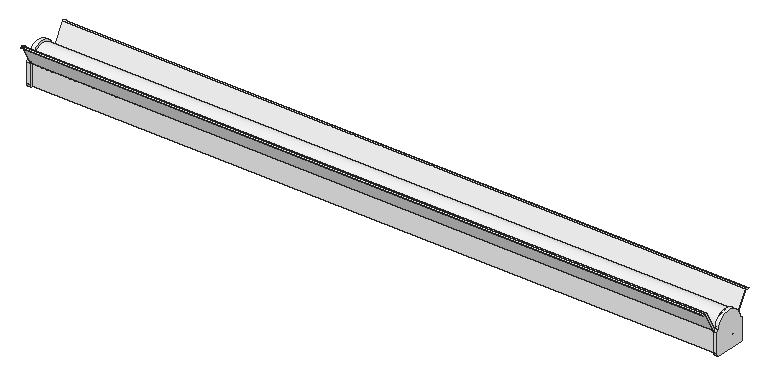
Revit family "0045199+0045235 Feilo Sylvania Lighting Fixture SYLBATTEN LED8 6000K DALI TP5 with SYMMETRIC REFLECTOR ACCESSORY 1500MM", category Lighting Fixtures, host Face, Revit 2017
Family settings
  Host = Face
  Round Connector Dimension = Use Diameter
  Part Type = Normal
  OmniClass Number = 23.80.70.00
  OmniClass Title = Lighting
  Cut with Voids When Loaded = No
  Light Source = Yes
  Shared = No
  Room Calculation Point = No
Parameters (values of type "0045199 SYLBATTEN LED8 6000K DALI TP5")
  Width_FEILO = 66 mm
  Weight = "3.21 kg"
  Wattage Comments = "n/a"
  Wattage = 79 W
  WarrantyStartDate [instance] = "n/a"
  WarrantyGuarantorParts = "n/a"
  WarrantyDurationUnit = "n/a"
  WarrantyDurationParts = "n/a"
  WarrantyDescription = "n/a"
  built-in parameter 1150110 = 1 (stored number, unit not read)
  Voltage = 230 V
  URL = "http://www.sylvania-lighting.com"
  TypeName = "SYLBATTEN LED8 6000K DALI TP5"
  Type Image = <None>
  Type Comments = "n/a"
  built-in parameter 1114217 = 1 (stored number, unit not read)
  Tilt Angle = -90.00°
  built-in parameter 1150109 = 1 (stored number, unit not read)
  built-in parameter 1150134 = 5
  SymReflector_FEILO = yes
  built-in parameter 1150113 = 1 (stored number, unit not read)
  SerialNumber [instance] = "n/a"
  PowerFactor = 0
  PowerConsumption = "79 W"
  Photometric Web File = "0045199+0045235.ies"
  NominalLength = 1505 mm
  NominalHeight = 76 mm
  NominalDepth = 66 mm
  Name = "SYLBATTEN LED8 6000K DALI TP5"
  ModelReference = Name  # "SYLBATTEN LED8 6000K DALI TP5"
  ModelNumber = "0045199"
  Model = Name  # "SYLBATTEN LED8 6000K DALI TP5"
  Material_4_FEILO = Reflector-Sylvania-Sylbatten-White
  Material_3_FEILO = Diffuser-Sylvania-Sylbatten-Glow
  Material_2_FEILO = Body-Sylvania-Sylbatten-White
  Material_1_FEILO = Body-Sylvania-Sylbatten-White
  Material = "sheet steel housing, polycarbonate diffuser"
  ManufacturerName = "Feilo Sylvania"
  Manufacturer = "Feilo Sylvania"
  LuminousEfficacy = "110.4 lm/W"
  built-in parameter 1150105 = 694.23 (stored number, unit not read)
  Lumens = 8723.97 lm
  LuminaireType = ""
  built-in parameter 1150115 = 1 (stored number, unit not read)
  LightOutputRatio = "100"
  built-in parameter 1150137 = (empty or 0)
  built-in parameter 1150139 = (empty or 0)
  Length_FEILO = 1505 mm
  LampsType = Lamp  # "LED"
  LampNominalLuminous = "8724 lm"
  LampMacAdamStep = "n/a"
  LampColourTemperature = "6000 K"
  LampColourRenderingIndex = "80"
  built-in parameter 1150112 = 1 (stored number, unit not read)
  built-in parameter 1150114 = 1 (stored number, unit not read)
  Lamp = "LED"
  Keynote = "16500"
  InstallationDate [instance] = "n/a"
  InputVoltage = "220-240V~"
  InputNominalFrequency = "n/a"
  built-in parameter 1150132 = (empty or 0)
  built-in parameter 1150102 = (empty or 0)
  built-in parameter 1150107 = 6000 (stored number, unit not read)
  built-in parameter 1150138 = (empty or 0)
  IngressProtection = "IP20"
  ImpactProtectionIndex = "IK07"
  built-in parameter 1150106 = 6.9423 (stored number, unit not read)
  IfcExportType = "IfcLightFixtureType"
  IfcExportAs = "IfcLightFixtureType"
  Height_FEILO = 76 mm
  ExpectedLife = 50000
  Emit from Rectangle Width = Length_FEILO - 16 mm  # 1489 mm
  Emit from Rectangle Length = Width_FEILO - 40 mm  # 26 mm
  Emit Shape Visible in Rendering = no
  ElectricShockClassification = "Class I"
  built-in parameter 1150104 = 10.259 (stored number, unit not read)
  DurationUnit = "hours"
  DocumentationLiterature = "http://www.sylvania-lighting.com/product/en-int/products/0045199"
  DimmingControlOptions = "Dimmable"
  Dimming Lamp Color Temperature Shift = <None>
  Description = "LED batten, T8 replacement, ease of installation through 2 part push-in design of the housing (safety cable included), through wiring capability (TP5 = 5 core), sheet steel, 8724LM, 79W, 110lm/W, 6000K, drive current: 450mA, CRI 80, 138° wide beam angle, DALI dimmable, IP20, IK07, 50,000 hrs (L70), (LxWxH) 1505x66x76mm, 5 step MacAdam ellipse, 3.7kg, white RAL 9016, Class 1, 220-240V, energy class: A++, A+, A."
  Default Elevation = 1219.2 mm
  CreatedOn = "2/22/2018"
  CreatedBy = ""
  Cost = 0
  Color Filter = 16777215
  built-in parameter 1114216 [instance] = (empty or 0)
  ClassificationValue = "EF_70_80"
  ClassificationName = "Uniclass2015"
  CapOffset_FEILO = 2 mm
  BarCode [instance] = "n/a"
  built-in parameter 1114218 = 1 (stored number, unit not read)
  BackReflector_FEILO = and(not(AsymReflector_FEILO), SymReflector_FEILO)  # yes
  built-in parameter 1150133 = 10 (stored number, unit not read)
  FrontReflector_FEILO = or(AsymReflector_FEILO, SymReflector_FEILO)  # yes
  AsymReflector_FEILO = no
  AssetType = "Fixed"
  AssetIdentifier [instance] = "n/a"
  Assembly Code = "D5020200"
  Apparent Load = 79 VA
Reference planes
  plane 1 "Center (Front/Back)": y = 0
  plane 2: z = 0
  plane 3 "Center (Left/Right)": x = 0
  plane 4: x = 752.5
  plane 5: x = -752.5
  plane 6: y = 33
  plane 7: y = -33
  plane 8: z = 76
  plane 9: z = 47
  plane 10: y = -29
  plane 11: y = 29
  plane 12: z = 20
  plane 13: z = 74
  plane 14: y = -31
  plane 15: y = -27
  plane 16: y = 27
  plane 17: y = 31
  plane 18: z = 2
  plane 19: x = -744.5
  plane 20: x = 744.5
  plane 21: z = 49
  plane 22: y = 1
  plane 23: y = -1
  plane 24: z = 21
  plane 25: z = 19
  plane 26: y = -61
  plane 27: y = 61
  plane 28: y = -56
  plane 29: y = 56
  plane 30: z = 91
  plane 31: z = 88
Forms (mm)
  Extrusion 1, solid, material "Body-Sylvania-Sylbatten-White" <- "Material_2_FEILO"
    sketch origin (0, 0, 0) x (0, 1, 0) y (0, 0, 1)
      loop
        line (-31, 2) -> (31, 2) -> (31, 45)
        arc (31, 45) -> (30.414, 46.414) -> (29, 47) r 2
        line (29, 47) -> (27, 47)
        arc (27, 47) -> (0, 74) -> (-27, 47) r 27
        line (-27, 47) -> (-29, 47)
        arc (-29, 47) -> (-30.414, 46.414) -> (-31, 45) r 2
        line (-31, 45) -> (-31, 2)
    from -744.5 to 744.5
  Extrusion 2, solid, material "Body-Sylvania-Sylbatten-White" <- "Material_2_FEILO"
    sketch origin (752.5, 1524, 1219.2) x (0, 1, 0) y (0, 0, 1)
      loop
        arc (-1494, -1219.2) -> (-1491.879, -1218.321) -> (-1491, -1216.2) r 3
        line (-1491, -1216.2) -> (-1491, -1173.2)
        arc (-1491, -1173.2) -> (-1491.879, -1171.079) -> (-1494, -1170.2) r 3
        line (-1494, -1170.2) -> (-1495.069, -1170.2)
        arc (-1495.069, -1170.2) -> (-1524, -1143.2) -> (-1552.931, -1170.2) r 29
        line (-1552.931, -1170.2) -> (-1554, -1170.2)
        arc (-1554, -1170.2) -> (-1556.121, -1171.079) -> (-1557, -1173.2) r 3
        line (-1557, -1173.2) -> (-1557, -1216.2)
        arc (-1557, -1216.2) -> (-1556.121, -1218.321) -> (-1554, -1219.2) r 3
        line (-1554, -1219.2) -> (-1494, -1219.2)
      loop
        arc (-1525, -1189.25) -> (-1531.071, -1192.129) -> (-1533.95, -1198.2) r 10
        line (-1533.95, -1198.2) -> (-1532.944, -1198.2)
        arc (-1532.944, -1198.2) -> (-1530.364, -1192.836) -> (-1525, -1190.256) r 9
        line (-1525, -1190.256) -> (-1525, -1189.25)
      loop
        arc (-1523, -1190.256) -> (-1517.636, -1192.836) -> (-1515.056, -1198.2) r 9
        line (-1515.056, -1198.2) -> (-1514.05, -1198.2)
        arc (-1514.05, -1198.2) -> (-1516.929, -1192.129) -> (-1523, -1189.25) r 10
        line (-1523, -1189.25) -> (-1523, -1190.256)
      loop
        line (-1532.944, -1200.2) -> (-1533.95, -1200.2)
        arc (-1533.95, -1200.2) -> (-1531.071, -1206.271) -> (-1525, -1209.15) r 10
        line (-1525, -1209.15) -> (-1525, -1208.144)
        arc (-1525, -1208.144) -> (-1530.364, -1205.564) -> (-1532.944, -1200.2) r 9
      loop
        arc (-1515.056, -1200.2) -> (-1517.636, -1205.564) -> (-1523, -1208.144) r 9
        line (-1523, -1208.144) -> (-1523, -1209.15)
        arc (-1523, -1209.15) -> (-1516.929, -1206.271) -> (-1514.05, -1200.2) r 10
        line (-1514.05, -1200.2) -> (-1515.056, -1200.2)
    from 0 to -8
  Extrusion 3, solid, material "Body-Sylvania-Sylbatten-White" <- "Material_2_FEILO"
    sketch origin (-752.5, 1524, 1219.2) x (0, 1, 0) y (0, 0, 1)
      loop
        arc (-1495.069, -1170.2) -> (-1524, -1143.2) -> (-1552.931, -1170.2) r 29
        line (-1552.931, -1170.2) -> (-1554, -1170.2)
        arc (-1554, -1170.2) -> (-1556.121, -1171.079) -> (-1557, -1173.2) r 3
        line (-1557, -1173.2) -> (-1557, -1216.2)
        arc (-1557, -1216.2) -> (-1556.121, -1218.321) -> (-1554, -1219.2) r 3
        line (-1554, -1219.2) -> (-1494, -1219.2)
        arc (-1494, -1219.2) -> (-1491.879, -1218.321) -> (-1491, -1216.2) r 3
        line (-1491, -1216.2) -> (-1491, -1173.2)
        arc (-1491, -1173.2) -> (-1491.879, -1171.079) -> (-1494, -1170.2) r 3
        line (-1494, -1170.2) -> (-1495.069, -1170.2)
      loop
        line (-1533.95, -1198.2) -> (-1532.944, -1198.2)
        arc (-1532.944, -1198.2) -> (-1530.364, -1192.836) -> (-1525, -1190.256) r 9
        line (-1525, -1190.256) -> (-1525, -1189.25)
        arc (-1525, -1189.25) -> (-1531.071, -1192.129) -> (-1533.95, -1198.2) r 10
      loop
        line (-1523, -1189.25) -> (-1523, -1190.256)
        arc (-1523, -1190.256) -> (-1517.636, -1192.836) -> (-1515.056, -1198.2) r 9
        line (-1515.056, -1198.2) -> (-1514.05, -1198.2)
        arc (-1514.05, -1198.2) -> (-1516.929, -1192.129) -> (-1523, -1189.25) r 10
      loop
        line (-1514.05, -1200.2) -> (-1515.056, -1200.2)
        arc (-1515.056, -1200.2) -> (-1517.636, -1205.564) -> (-1523, -1208.144) r 9
        line (-1523, -1208.144) -> (-1523, -1209.15)
        arc (-1523, -1209.15) -> (-1516.929, -1206.271) -> (-1514.05, -1200.2) r 10
      loop
        line (-1525, -1209.15) -> (-1525, -1208.144)
        arc (-1525, -1208.144) -> (-1530.364, -1205.564) -> (-1532.944, -1200.2) r 9
        line (-1532.944, -1200.2) -> (-1533.95, -1200.2)
        arc (-1533.95, -1200.2) -> (-1531.071, -1206.271) -> (-1525, -1209.15) r 10
    from 0 to 8
  Extrusion 4, solid, material "Reflector-Sylvania-Sylbatten-White" <- "Material_4_FEILO", visible <- "FrontReflector_FEILO"
    sketch origin (0, 0, 0) x (0, 1, 0) y (0, 0, 1)
      loop
        line (-61.257, 88.429) -> (-60.743, 87.571) -> (-56.621, 90.044)
        arc (-56.621, 90.044) -> (-56.237, 90.099) -> (-55.929, 89.863) r 0.5
        line (-55.929, 89.863) -> (-31.435, 46.753) -> (-30.565, 47.247) -> (-55.312, 90.802)
        arc (-55.312, 90.802) -> (-55.928, 91.275) -> (-56.696, 91.165) r 1
        line (-56.696, 91.165) -> (-61.257, 88.429)
    from -744.5 to 744.5
  Extrusion 5, solid, material "Reflector-Sylvania-Sylbatten-White" <- "Material_4_FEILO", visible <- "BackReflector_FEILO"
    sketch origin (0, 0, 0) x (0, 1, 0) y (0, 0, 1)
      loop
        line (30.565, 47.247) -> (31.435, 46.753) -> (55.932, 89.868)
        arc (55.932, 89.868) -> (56.245, 90.112) -> (56.638, 90.062) r 0.518
        line (56.638, 90.062) -> (61.033, 87.565) -> (61.527, 88.435) -> (56.682, 91.188)
        arc (56.682, 91.188) -> (55.922, 91.282) -> (55.318, 90.812) r 1
        line (55.318, 90.812) -> (30.565, 47.247)
    from -744.5 to 744.5
Lines and regions (mm)
  reference lines
    curve 1: line (0, -61, 88) -> (0, -56, 91)
    curve 2: line (0, -56, 91) -> (0, -31, 47)
    curve 3: line (0, 31, 47) -> (0, 56, 91)
    curve 4: line (0, 56, 91) -> (0, 61.28, 88)
Dimensions and locks
  equal spacing: plane 5, plane 3 "Center (Left/Right)", plane 4
  equal spacing: plane 7, plane 1 "Center (Front/Back)", plane 6
  "Width_FEILO": plane 7 to plane 6
  "Length_FEILO": plane 5 to plane 4
  "Height_FEILO": plane 8 to plane 2
  locked: plane 9 to plane 8 at 29
  equal spacing: plane 10, plane 1 "Center (Front/Back)", plane 11
  locked: plane 7 to plane 10 at 4
  locked: plane 12 to plane 2 at 20
  "CapOffset_FEILO": plane 13 to plane 8
  "CapOffset_FEILO": plane 7 to plane 14
  "CapOffset_FEILO": plane 10 to plane 15
  "CapOffset_FEILO": plane 17 to plane 6
  "CapOffset_FEILO": plane 16 to plane 11
  "CapOffset_FEILO": plane 18 to plane 2
  locked: plane 14 to Extrusion 1 sketch curve at 2
  locked: Extrusion 1 sketch curve to plane 9 at 2  (x2)
  locked: plane 16 to Extrusion 1 sketch curve at 2
  equal spacing: plane 19, plane 3 "Center (Left/Right)", plane 20
  locked: plane 5 to plane 19 at 8
  "CapOffset_FEILO": plane 9 to plane 21
  locked: Extrusion 2 sketch curve to plane 2 at 47
  locked: Extrusion 1 sketch curve to plane 2 at 47
  locked: Extrusion 2 sketch curve to plane 2 at 3  (x2)
  locked: plane 7 to Extrusion 2 sketch curve at 3  (x2)
  locked: Extrusion 2 sketch curve to plane 6 at 3  (x2)
  locked: Extrusion 2 sketch curve to plane 21 at 3  (x2)
  equal spacing: plane 23, plane 1 "Center (Front/Back)", plane 22
  equal spacing: plane 25, plane 12, plane 24
  plane 30 to plane 31 to plane 2 = 3 mm locked, 88 mm locked
  plane 28 to plane 29 = 112 mm
  plane 26 to plane 27 = 122 mm
  aligned and locked: plane 2 to host face
  aligned and locked: level to host face
  aligned and locked: plane 18 to Extrusion 1 sketch curve
  aligned and locked: plane 14 to Extrusion 1 sketch curve
  aligned and locked: Extrusion 1 sketch curve to plane 9  (x2)
  aligned and locked: Extrusion 1 sketch curve to plane 17
  aligned and locked: plane 15 to Extrusion 1 sketch curve
  aligned and locked: plane 16 to Extrusion 1 sketch curve
  aligned and locked: plane 9 to Extrusion 1 sketch curve
  aligned and locked: plane 20 to Extrusion 1
  aligned and locked: level to Extrusion 2 sketch curve
  aligned and locked: Extrusion 2 sketch curve to plane 7
  aligned and locked: plane 21 to Extrusion 2 sketch curve
  aligned and locked: Extrusion 2 sketch curve to plane 21
  aligned and locked: plane 1 "Center (Front/Back)" to Extrusion 2 sketch curve  (x3)
  aligned and locked: Extrusion 2 to Extrusion 1
  aligned and locked: plane 4 to Extrusion 2
  aligned and locked: plane 12 to Extrusion 2 sketch curve  (x2)
  aligned and locked: Extrusion 2 sketch curve to plane 22
  aligned and locked: Extrusion 2 sketch curve to plane 23
  aligned and locked: Extrusion 2 sketch curve to plane 24
  aligned and locked: Extrusion 2 sketch curve to plane 25
  aligned and locked: plane 25 to Extrusion 2 sketch curve
  aligned and locked: plane 22 to Extrusion 2 sketch curve
  aligned and locked: plane 24 to Extrusion 2 sketch curve
  aligned and locked: plane 23 to Extrusion 2 sketch curve  (x2)
  aligned and locked: Extrusion 3 sketch curve to Extrusion 2  (x22)
  aligned and locked: Extrusion 3 to Extrusion 1
  aligned and locked: Extrusion 3 to plane 5
  aligned and locked: plane 19 to Extrusion 3
  aligned and locked: plane 31 to curve 1
  aligned and locked: plane 30 to curve 1
  aligned and locked: plane 14 to curve 2
  aligned and locked: plane 9 to curve 2
  aligned and locked: plane 17 to curve 3
  aligned and locked: plane 30 to curve 3
  aligned and locked: plane 31 to curve 4
  aligned and locked: Extrusion 4 sketch curve to curve 2
  aligned and locked: Extrusion 4 sketch curve to curve 1
  aligned and locked: Extrusion 4 to Extrusion 1
  aligned and locked: Extrusion 1 to Extrusion 4
  aligned and locked: imposter light to plane 1 "Center (Front/Back)"
  aligned and locked: imposter light to plane 3 "Center (Left/Right)"
  aligned and locked: imposter light to plane 13
  aligned and locked: Extrusion 5 sketch curve to curve 4
  aligned and locked: Extrusion 5 sketch curve to curve 3
  aligned and locked: Extrusion 1 to Extrusion 5
  aligned and locked: Extrusion 5 to Extrusion 1
Automatic sketch dimensions
  host sketch curve to host sketch curve = 2438.4 mm  (x2)
  Extrusion 2 sketch curve to Extrusion 2 sketch curve = 0 mm  (x14)
  Extrusion 2 sketch curve to plane 10 = 0.069 mm
  plane 23 to Extrusion 2 sketch curve = 8.95 mm
  Extrusion 2 sketch curve to Extrusion 2 sketch curve = 1.006 mm  (x4)
  Extrusion 2 sketch curve to plane 22 = 7.944 mm
  curve 1 to plane 26 = 0 mm
  curve 2 to plane 28 = 0 mm
  curve 4 to plane 29 = 0 mm
  plane 9 to curve 3 = 0 mm
  plane 26 to Extrusion 4 sketch curve = 0.257 mm
  Extrusion 4 sketch curve to plane 26 = 0.257 mm
  Extrusion 4 sketch curve to plane 30 = 0.165 mm
  plane 28 to Extrusion 4 sketch curve = 0.696 mm
  plane 28 to Extrusion 4 sketch curve = 0.621 mm
  plane 28 to Extrusion 4 sketch curve = 0.364 mm
  plane 28 to Extrusion 4 sketch curve = 0.182 mm
  Extrusion 4 sketch curve to plane 28 = 0.071 mm
  plane 30 to Extrusion 4 sketch curve = 0.198 mm
  Extrusion 4 sketch curve to plane 28 = 0.688 mm
  plane 9 to Extrusion 4 sketch curve = 0.247 mm
  plane 1 "Center (Front/Back)" to Extrusion 4 sketch curve = 31.435 mm
  Extrusion 5 sketch curve to plane 9 = 0.247 mm
  Extrusion 5 sketch curve to plane 1 "Center (Front/Back)" = 30.565 mm
  plane 9 to Extrusion 5 sketch curve = 0.247 mm
  plane 30 to Extrusion 5 sketch curve = 0.188 mm
  plane 29 to Extrusion 5 sketch curve = 0.068 mm
  Extrusion 5 sketch curve to plane 29 = 0.188 mm
  Extrusion 5 sketch curve to plane 29 = 0.382 mm
  Extrusion 5 sketch curve to Extrusion 5 sketch curve = 0.256 mm
  Extrusion 5 sketch curve to plane 30 = 0.188 mm
  Extrusion 5 sketch curve to plane 29 = 0.682 mm
  Extrusion 5 sketch curve to plane 27 = 0.033 mm
  Extrusion 5 sketch curve to plane 27 = 0.527 mm
Connectors
  electrical at (0, 0, 0), driven by "Apparent Load", driven by "PowerFactor", driven by "Voltage"
    settings: index 1, voltage 230 V, apparent load 79 VA, apparent load phase1 0 VA, apparent load phase2 0 VA, apparent load phase3 0 VA, power factor 0, load classification "Lighting", number of poles 1, system type 30, power factor state 1, is connector primary yes, connector utility no, sub classification motor no, connector description ""
